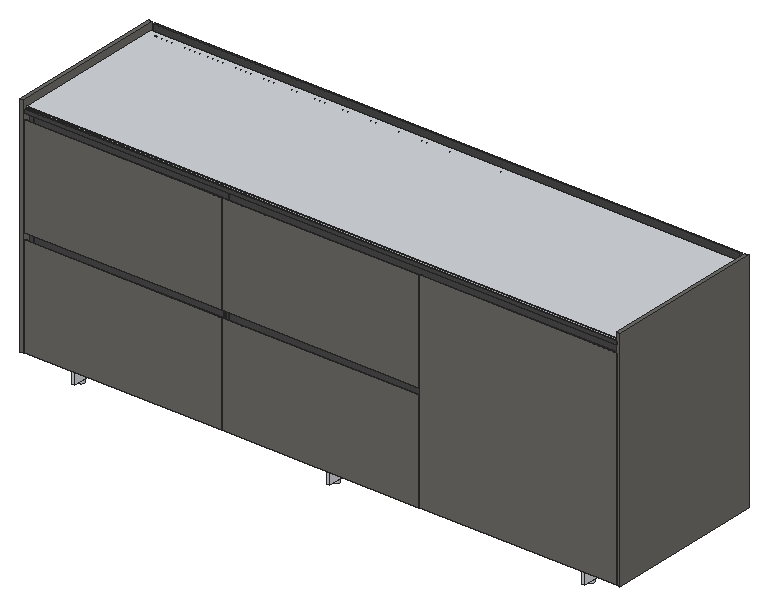
Revit family "Storage-Teknion-CW3Z_C+D_Three_Storage_Credenza_36_Height_Low_Base-R2020", category Furniture, Revit 2020 (continued)
Automatic sketch dimensions
  Sweep 15 sketch curve to Sweep 15 sketch curve = 0.02784"  (x3)
  profile plane to Sweep 18 sketch curve = 0.21654"
  profile plane to Sweep 18 sketch curve = 0.05906"
  Sweep 21 sketch curve to Sweep 21 sketch curve = 0.250"  (x4)
  Sweep 22 sketch curve to Sweep 22 sketch curve = 0.250"  (x4)
  Masking region 1 sketch curve to plane 12 = 0.02953"
  Masking region 1 sketch curve to Masking region 1 sketch curve = 0.05906"
  Sweep 25 sketch curve to Sweep 25 sketch curve = 0.3622"
  Sweep 26 sketch curve to plane 8 "Top" = 10.87402"
  Sweep 27 sketch curve to plane 8 "Top" = 11.87402"
  Sweep 28 sketch curve to plane 17 = 0.000"
  Sweep 28 sketch curve to Sweep 28 sketch curve = 0.000"  (x12)
  Sweep 29 sketch curve to plane 17 = 0.000"
  Sweep 30 sketch curve to plane 3 "Center Left/Right" = 0.000"
  Sweep 29 sketch curve to Sweep 29 sketch curve = 2.72441"
  plane 7 "Front" to curve 3 = 0.000"
  curve 1 to plane 7 "Front" = 0.000"
  curve 6 to plane 6 "Back" = 0.000"
  plane 6 "Back" to curve 3 = 0.000"
  curve 1 to plane 6 "Back" = 0.000"
  curve 11 to plane 6 "Back" = 0.000"
  plane 6 "Back" to curve 5 = 0.000"
  plane 14 to curve 27 = 0.02962"
  plane 18 to curve 100 = 1.000"
  curve 30 to plane 7 "Front" = 0.03937"
  curve 8 to plane 13 = 0.47047"
  curve 12 to curve 5 = 0.000"
  curve 37 to plane 7 "Front" = 0.03937"
  curve 35 to plane 7 "Front" = 0.03937"
  curve 34 to curve 37 = 0.000"
  curve 31 to curve 35 = 0.000"
  curve 29 to curve 34 = 0.000"
  curve 28 to plane 7 "Front" = 0.03937"
  curve 21 to curve 31 = 0.000"
  curve 61 to curve 59 = 0.72441"
  Sweep 16 sketch curve to profile plane = 0.6063"
  Sweep 7 sketch curve to profile plane = 0.000"
  Sweep 7 sketch curve to Sweep 7 sketch curve = 0.11811"
  Sweep 8 sketch curve to Sweep 8 sketch curve = 0.11811"
  Sweep 17 sketch curve to profile plane = 0.6063"
  Sweep 9 sketch curve to Sweep 9 sketch curve = 0.11811"
  Sweep 10 sketch curve to Sweep 10 sketch curve = 0.6063"
  Sweep 10 sketch curve to Sweep 10 sketch curve = 0.11811"
  Sweep 12 sketch curve to Sweep 12 sketch curve = 0.6063"
  Sweep 12 sketch curve to Sweep 12 sketch curve = 0.11811"
  radius of Sweep 28 sketch curve = 0.41476"  (x6)
  radius of Sweep 28 sketch curve = 0.12964"  (x6)
Nested families (in)
  nested 1: "Teknion_2D_Node_Family-R2020" at (-15, 2, 0.00394) x (0.7071, 0.7071, 0) z (0, 0, 1), visible <- "24 2D Node", type "Teknion_2D_Node_Family-R2020"
  nested 2: "Teknion_2D_Node_Family-R2020" at (75, 2, 0.00394) x (0.7071, 0.7071, 0) z (0, 0, 1), visible <- "24 2D Node", type "Teknion_2D_Node_Family-R2020"
  nested 3: "Teknion_2D_Node_Family-R2020" at (-15, -22, 0.00394) x (0.7071, -0.7071, 0) z (0, 0, 1), visible <- "24 2D Node", type "Teknion_2D_Node_Family-R2020"
  nested 4: "Teknion_2D_Node_Family-R2020" at (75, -22, 0.00394) x (0.7071, -0.7071, 0) z (0, 0, 1), visible <- "24 2D Node", type "Teknion_2D_Node_Family-R2020"
  nested 5: "Teknion_2D_Node_Family-R2020" at (-15, 0, 0.00394) x (0.7071, 0.7071, 0) z (0, 0, 1), visible <- "20 2D Node", type "Teknion_2D_Node_Family-R2020"
  nested 6: "Teknion_2D_Node_Family-R2020" at (-15, -20, 0.00394) x (0.7071, 0.7071, 0) z (0, 0, 1), visible <- "20 2D Node", type "Teknion_2D_Node_Family-R2020"
  nested 7: "Teknion_2D_Node_Family-R2020" at (75, -20, 0.00394) x (0.7071, 0.7071, 0) z (0, 0, 1), visible <- "20 2D Node", type "Teknion_2D_Node_Family-R2020"
  nested 8: "Teknion_2D_Node_Family-R2020" at (75, 0, 0.00394) x (0.7071, 0.7071, 0) z (0, 0, 1), visible <- "20 2D Node", type "Teknion_2D_Node_Family-R2020"
  nested 9: "Teknion_2D_Node_Family-R2020" at (15.18963, 2, 0.00394), visible <- "Middle Left Node", type "Teknion_2D_Node_Family-R2020"
  nested 10: "Teknion_2D_Node_Family-R2020" at (44.81037, 2, 0.00394), visible <- "Middle Right Node", type "Teknion_2D_Node_Family-R2020"
  nested 11: "Door-Swing_Symbol-Teknion-2D" at (-7.01707, -21.23622, 0.00394) x (-1, 0, 0) z (0, 0, 1), Swing Width <- "Door Size", visible <- "Left Double Door", type "Standard", detail levels fine
    with Swing Width 14.750", Door Thickness 0.724"
  nested 12: "Door-Swing_Symbol-Teknion-2D" at (52.22471, -21.23622, 0.00394) x (-1, 0, 0) z (0, 0, 1), Swing Width <- "Door Size", visible <- "Right Double Door", type "Standard", detail levels fine
    with Swing Width 14.750", Door Thickness 0.724"
  nested 13: "Door-Swing_Symbol-Teknion-2D" at (67.01707, -21.23622, 0.00394), Swing Width <- "Door Size", visible <- "Right Double Door", type "Standard", detail levels fine
    with Swing Width 14.750", Door Thickness 0.724"
  nested 14: "Door-Swing_Symbol-Teknion-2D" at (37.40581, -21.23622, 0.00394), Swing Width <- "Door Size", visible <- "Center Closed Storage", type "Standard", detail levels fine
    with Swing Width 14.750", Door Thickness 0.724"
  nested 15: "Door-Swing_Symbol-Teknion-2D" at (7.77497, -21.23622, 0.00394), Swing Width <- "Door Size", visible <- "Left Double Door", type "Standard", detail levels fine
    with Swing Width 14.750", Door Thickness 0.724"
  nested 16: "Door-Swing_Symbol-Teknion-2D" at (22.59486, -21.23622, 0.00394) x (-1, 0, 0) z (0, 0, 1), Swing Width <- "Door Size", visible <- "Center Closed Storage", type "Standard", detail levels fine
    with Swing Width 14.750", Door Thickness 0.724"
Definition of nested family "Teknion_2D_Node_Family-R2020"
  Reference planes (in)
    plane 1 "Center (Front/Back)": y = 0
    plane 2: z = 0
    plane 3 "Center (Left/Right)": x = 0
  Lines and regions (in)
    detail lines, in view "Ref. Level"
      curve 1: circle (0, 0, 0) r 1.25 normal (0, 0, 1)
      curve 2: line (1.91508, -1.91508, 0) -> (-1.91508, 1.91508, 0)
      curve 3: line (-1.91508, -1.91508, 0) -> (1.91508, 1.91508, 0)
Definition of nested family "Door-Swing_Symbol-Teknion-2D"
  Parameters (values of type "Standard")
    Swing Width [instance] = 26.000"
    Door Thickness [instance] = 2.000"
    Assembly Code = ""
  Reference planes (in)
    plane 1 "Center (Front/Back)": y = 0
    plane 2: z = 0
    plane 3 "Center (Left/Right)": x = 0
    plane 4: x = -13
    plane 5: x = 13
  Lines and regions (in)
    Masking region 1, in view "Ref. Level"
      outline origin (0, 0, 0) x (1, 0, 0) y (0, 1, 0)
        loop
          line (11, 0) -> (11, -26) -> (13, -26) -> (13, 0) -> (11, 0)
    detail lines, in view "Ref. Level"
      curve 1: line (13, 0, 0) -> (13, -26, 0)
      curve 2: arc (-13, 0, 0) -> (-5.38478, -18.38478, 0) -> (13, -26, 0) r 26
  Dimensions and locks (in)
    equal spacing: plane 4, plane 3 "Center (Left/Right)", plane 5
    "Swing Width": plane 4 to plane 5
    "Swing Width": curve 1 to plane 1 "Center (Front/Back)"
    "Swing Width": Masking region 1 sketch curve to Masking region 1 sketch curve
    "Door Thickness": Masking region 1 sketch curve to Masking region 1 sketch curve
    "Swing Width": radius of curve 2
    aligned and locked: plane 1 "Center (Front/Back)" to curve 1
    aligned and locked: plane 1 "Center (Front/Back)" to Masking region 1 sketch curve
    aligned and locked: Masking region 1 sketch curve to plane 5
  Automatic sketch dimensions
    curve 2 to plane 4 = 0.000"
Types (5): name | Width | Top Finish | Middle Left Node | Left V&A Cut Out | Left V&A 2D Lines | Left Drawers | Left Double Door | Door Size | Description | Center Drawers | Center Closed Storage | Case Finish | 24 2D Node | 20 2D Node | (DDW) Left Drawers, Center Drawers, Right Waste | Model | (VCW) Left A/V with Upper Drawer, Center Closed Storage, Right Wasted | Depth | (ADW) Left A/V, Center Drawers, Right Waste
  (no name) | 90.000" | none | yes | 8.000" | no | yes | no | 14.750" | "C+D Three Storage Credenza, 36\" Height, Low Based, 24\" Depth, 90\" Width" | yes | no | Veneer - Teknion - VP - Chia | yes | no | yes | "CW3Z_2490" | no | 24.000" | no
  20D x 90W | 90.000" | Veneer -Teknion - UR - Rustic Oak - Natural | yes | 15.000" | yes | no | yes | 14.750" | "C+D Three Storage Credenza, 36\" Height, Low Based, 20\" Depth, 90\" Width" | yes | no | Veneer -Teknion - UZ - Rustic Oak - Truffle | no | yes | no | "CW3Z_2090" | no | 20.000" | yes
  20D x 108W | 108.000" | Back-painted Glass - BQ - Teknion - Anthracite | yes | 15.000" | yes | no | yes | 17.750" | "C+D Three Storage Credenza, 36\" Height, Low Based, 20\" Depth, 108\" Width" | yes | no | Veneer - Teknion - VJ - Bistre | no | yes | no | "CW3Z_20108" | no | 20.000" | yes
  24D x 108W | 108.000" | none | no | 15.000" | yes | no | yes | 17.750" | "C+D Three Storage Credenza, 36\" Height, Low Based, 24\" Depth, 108\" Width" | no | yes | Veneer - Teknion - VP - Chia | yes | no | no | "CW3Z_24108" | yes | 24.000" | no
  24D x 90W | 90.000" | none | yes | 8.000" | no | yes | no | 14.750" | "C+D Three Storage Credenza, 36\" Height, Low Based, 24\" Depth, 90\" Width" | yes | no | Veneer - Teknion - VP - Chia | yes | no | yes | "CW3Z_2490" | no | 24.000" | no
